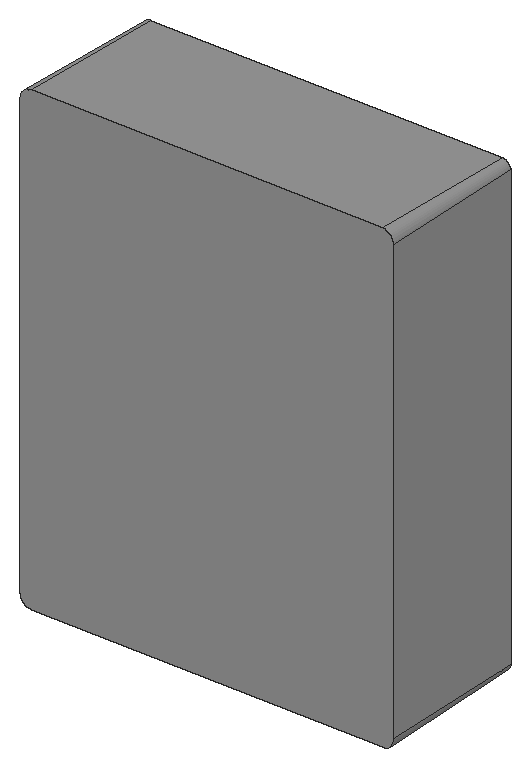
Revit family "L&L_LUCE&LIGHT_PASITO_MINI_1.2", category Lighting Fixtures, host Wall, Revit 2018 (continued)
Types (2, lengths in cm): name | Photometric Web File | built-in parameter 1150142
    00 0.00 0.00 0.00 0.00 0.00 0.00 \r\n0.00 0.00 0.00 0.00 0.00 0.00 0.00 0.00 0.00 0.00 0.00 \r\n0.00 0.00 0.00 0.00 0.00 0.00 0.00 0.00 0.00 0.00 0.00 \r\n0.00 0.00 0.00 0.00 0.00 0.00 0.00 0.00 0.00 0.00 0.00 \r\n0.00 0.00 0.00 0.00 0.00 0.00 0.00 0.00 0.00 0.00 0.00 \r\n0.00 0.00 0.00 0.01 0.02 \r\n0.01 0.01 0.01 0.00 0.00 0.00 0.00 0.00 0.00 0.00 0.00 \r\n0.00 0.00 0.00 0.00 0.00 0.00 0.00 0.00 0.00 0.00 0.00 \r\n0.00 0.00 0.00 0.00 0.00 0.00 0.00 0.00 0.00 0.00 0.00 \r\n0.00 0.00 0.00 0.00 0.00 0.00 0.00 0.00 0.00 0.00 0.00 \r\n0.00 0.00 0.00 0.00 0.00 0.00 0.00 0.00 0.00 0.00 0.00 \r\n0.00 0.00 0.00 0.00 0.00 0.00 0.00 0.00 0.00 0.00 0.00 \r\n0.00 0.00 0.00 0.00 0.00 0.00 0.00 0.00 0.00 0.00 0.00 \r\n0.00 0.00 0.00 0.00 0.00 0.00 0.00 0.00 0.00 0.00 0.00 \r\n0.00 0.00 0.00 0.00 0.00 0.00 0.00 0.00 0.00 0.00 0.00 \r\n0.00 0.00 0.00 0.00 0.00 0.00 0.00 0.00 0.00 0.00 0.00 \r\n0.00 0.00 0.00 0.00 0.00 0.00 0.00 0.00 0.00 0.00 0.00 \r\n0.00 0.00 0.00 0.00 0.00 0.00 0.00 0.00 0.00 0.00 0.00 \r\n0.00 0.00 0.00 0.00 0.00 0.00 0.00 0.00 0.00 0.00 0.00 \r\n0.00 0.00 0.00 0.00 0.00 0.00 0.00 0.00 0.00 0.00 0.00 \r\n0.00 0.00 0.00 0.00 0.00 0.00 0.00 0.00 0.00 0.00 0.00 \r\n0.00 0.00 0.00 0.00 0.00 0.00 0.00 0.00 0.00 0.00 0.00 \r\n0.00 0.00 0.00 0.01 0.02 \r\n0.01 0.01 0.01 0.01 0.00 0.00 0.00 0.00 0.00 0.00 0.00 \r\n0.00 0.00 0.00 0.00 0.00 0.00 0.00 0.00 0.00 0.00 0.00 \r\n0.00 0.00 0.00 0.00 0.00 0.00 0.00 0.00 0.00 0.00 0.00 \r\n0.00 0.00 0.00 0.00 0.00 0.00 0.00 0.00 0.00 0.00 0.00 \r\n0.00 0.00 0.00 0.00 0.00 0.00 0.00 0.00 0.00 0.00 0.00 \r\n0.00 0.00 0.00 0.00 0.00 0.00 0.00 0.00 0.00 0.00 0.00 \r\n0.00 0.00 0.00 0.00 0.00 0.00 0.00 0.00 0.00 0.00 0.00 \r\n0.00 0.00 0.00 0.00 0.00 0.00 0.00 0.00 0.00 0.00 0.00 \r\n0.00 0.00 0.00 0.00 0.00 0.00 0.00 0.00 0.00 0.00 0.00 \r\n0.00 0.00 0.00 0.00 0.00 0.00 0.00 0.00 0.00 0.00 0.00 \r\n0.00 0.00 0.00 0.00 0.00 0.00 0.00 0.00 0.00 0.00 0.00 \r\n0.00 0.00 0.00 0.00 0.00 0.00 0.00 0.00 0.00 0.00 0.00 \r\n0.00 0.00 0.00 0.00 0.00 0.00 0.00 0.00 0.00 0.00 0.00 \r\n0.00 0.00 0.00 0.00 0.00 0.00 0.00 0.00 0.00 0.00 0.00 \r\n0.00 0.00 0.00 0.00 0.00 0.00 0.00 0.00 0.00 0.00 0.00 \r\n0.00 0.00 0.00 0.00 0.00 0.00 0.00 0.00 0.00 0.00 0.00 \r\n0.00 0.00 0.01 0.01 0.02 \r\n0.01 0.01 0.02 0.01 0.01 0.00 0.00 0.00 0.00 0.00 0.00 \r\n0.00 0.00 0.00 0.00 0.00 0.00 0.00 0.00 0.00 0.00 0.00 \r\n0.00 0.00 0.00 0.00 0.00 0.00 0.00 0.00 0.00 0.00 0.00 \r\n0.00 0.00 0.00 0.00 0.00 0.00 0.00 0.00 0.00 0.00 0.00 \r\n0.00 0.00 0.00 0.00 0.00 0.00 0.00 0.00 0.00 0.00 0.00 \r\n0.00 0.00 0.00 0.00 0.00 0.00 0.00 0.00 0.00 0.00 0.00 \r\n0.00 0.00 0.00 0.00 0.00 0.00 0.00 0.00 0.00 0.00 0.00 \r\n0.00 0.00 0.00 0.00 0.00 0.00 0.00 0.00 0.00 0.00 0.00 \r\n0.00 0.00 0.00 0.00 0.00 0.00 0.00 0.00 0.00 0.00 0.00 \r\n0.00 0.00 0.00 0.00 0.00 0.00 0.00 0.00 0.00 0.00 0.00 \r\n0.00 0.00 0.00 0.00 0.00 0.00 0.00 0.00 0.00 0.00 0.00 \r\n0.00 0.00 0.00 0.00 0.00 0.00 0.00 0.00 0.00 0.00 0.00 \r\n0.00 0.00 0.00 0.00 0.00 0.00 0.00 0.00 0.00 0.00 0.00 \r\n0.00 0.00 0.00 0.00 0.00 0.00 0.00 0.00 0.00 0.00 0.00 \r\n0.00 0.00 0.00 0.00 0.00 0.00 0.00 0.00 0.00 0.00 0.00 \r\n0.00 0.00 0.00 0.00 0.00 0.00 0.00 0.00 0.00 0.00 0.00 \r\n0.00 0.01 0.01 0.01 0.02 \r\n0.01 0.02 0.02 0.02 0.02 0.02 0.02 0.01 0.01 0.01 0.00 \r\n0.00 0.00 0.00 0.00 0.00 0.00 0.00 0.00 0.00 0.00 0.00 \r\n0.00 0.00 0.00 0.00 0.00 0.00 0.00 0.00 0.00 0.00 0.00 \r\n0.00 0.00 0.00 0.00 0.00 0.00 0.00 0.00 0.00 0.00 0.00 \r\n0.00 0.00 0.00 0.00 0.00 0.00 0.00 0.00 0.00 0.00 0.00 \r\n0.00 0.00 0.00 0.00 0.00 0.00 0.00 0.00 0.00 0.00 0.00 \r\n0.00 0.00 0.00 0.00 0.00 0.00 0.00 0.00 0.00 0.00 0.00 \r\n0.00 0.00 0.00 0.00 0.00 0.00 0.00 0.00 0.00 0.00 0.00 \r\n0.00 0.00 0.00 0.00 0.00 0.00 0.00 0.00 0.00 0.00 0.00 \r\n0.00 0.00 0.00 0.00 0.00 0.00 0.00 0.00 0.00 0.00 0.00 \r\n0.00 0.00 0.00 0.00 0.00 0.00 0.00 0.00 0.00 0.00 0.00 \r\n0.00 0.00 0.00 0.00 0.00 0.00 0.00 0.00 0.00 0.00 0.00 \r\n0.00 0.00 0.00 0.00 0.00 0.00 0.00 0.00 0.00 0.00 0.00 \r\n0.00 0.00 0.00 0.00 0.00 0.00 0.00 0.00 0.00 0.00 0.00 \r\n0.00 0.00 0.00 0.00 0.00 0.00 0.00 0.00 0.00 0.00 0.00 \r\n0.00 0.00 0.00 0.00 0.00 0.00 0.00 0.01 0.01 0.01 0.01 \r\n0.01 0.01 0.01 0.01 0.02 \r\n0.01 0.02 0.02 0.02 0.03 0.03 0.03 0.04 0.04 0.04 0.05 \r\n0.05 0.05 0.06 0.06 0.07 0.07 0.07 0.08 0.08 0.09 0.09 \r\n0.10 0.10 0.10 0.11 0.11 0.12 0.12 0.13 0.13 0.14 0.14 \r\n0.15 0.15 0.16 0.16 0.16 0.17 0.17 0.18 0.18 0.19 0.19 \r\n0.19 0.20 0.20 0.21 0.21 0.21 0.22 0.22 0.23 0.23 0.23 \r\n0.24 0.24 0.25 0.25 0.25 0.26 0.26 0.26 0.27 0.27 0.27 \r\n0.28 0.28 0.28 0.29 0.29 0.29 0.30 0.30 0.30 0.31 0.31 \r\n0.31 0.31 0.31 0.32 0.32 0.32 0.32 0.32 0.32 0.33 0.33 \r\n0.33 0.33 0.33 0.33 0.33 0.33 0.33 0.33 0.33 0.33 0.33 \r\n0.33 0.33 0.33 0.32 0.32 0.32 0.32 0.32 0.31 0.31 0.31 \r\n0.31 0.30 0.30 0.30 0.29 0.29 0.29 0.28 0.28 0.28 0.27 \r\n0.27 0.26 0.26 0.25 0.25 0.24 0.24 0.23 0.23 0.23 0.22 \r\n0.22 0.21 0.21 0.20 0.20 0.19 0.19 0.18 0.18 0.17 0.17 \r\n0.16 0.16 0.15 0.15 0.14 0.14 0.13 0.13 0.12 0.12 0.11 \r\n0.11 0.10 0.10 0.09 0.09 0.08 0.08 0.07 0.07 0.06 0.06 \r\n0.05 0.05 0.04 0.04 0.03 0.03 0.03 0.02 0.02 0.02 0.02 \r\n0.02 0.02 0.02 0.02 0.02 \r\n0.01 0.02 0.04 0.06 0.08 0.10 0.12 0.15 0.18 0.21 0.24 \r\n0.26 0.30 0.36 0.41 0.46 0.51 0.56 0.60 0.65 0.71 0.77 \r\n0.83 0.88 0.94 0.98 1.01 1.04 1.08 1.11 1.15 1.18 1.21 \r\n1.23 1.26 1.28 1.31 1.35 1.38 1.42 1.45 1.49 1.51 1.53 \r\n1.55 1.57 1.59 1.61 1.63 1.65 1.66 1.68 1.69 1.70 1.71 \r\n1.72 1.73 1.75 1.76 1.77 1.78 1.78 1.78 1.77 1.77 1.76 \r\n1.75 1.75 1.75 1.75 1.75 1.74 1.73 1.72 1.71 1.70 1.69 \r\n1.67 1.66 1.65 1.64 1.62 1.61 1.60 1.58 1.57 1.55 1.53 \r\n1.51 1.50 1.48 1.47 1.46 1.45 1.43 1.42 1.40 1.38 1.36 \r\n1.34 1.33 1.31 1.29 1.28 1.26 1.25 1.23 1.20 1.18 1.16 \r\n1.13 1.11 1.09 1.07 1.05 1.03 1.01 0.98 0.96 0.94 0.92 \r\n0.89 0.87 0.85 0.83 0.81 0.79 0.77 0.75 0.73 0.71 0.69 \r\n0.67 0.64 0.62 0.60 0.58 0.56 0.54 0.53 0.51 0.49 0.47 \r\n0.46 0.44 0.42 0.41 0.39 0.37 0.35 0.33 0.32 0.30 0.28 \r\n0.27 0.25 0.24 0.22 0.21 0.20 0.18 0.17 0.15 0.14 0.13 \r\n0.11 0.10 0.09 0.08 0.07 0.06 0.06 0.05 0.04 0.04 0.03 \r\n0.03 0.02 0.02 0.02 0.02 \r\n0.01 0.03 0.06 0.09 0.15 0.22 0.28 0.39 0.50 0.62 0.74 \r\n0.86 0.97 1.08 1.18 1.28 1.37 1.46 1.55 1.64 1.74 1.84 \r\n1.96 2.09 2.24 2.39 2.50 2.57 2.63 2.67 2.68 2.74 2.80 \r\n2.85 2.90 2.95 2.99 3.03 3.09 3.14 3.19 3.25 3.31 3.37 \r\n3.44 3.50 3.56 3.61 3.64 3.67 3.70 3.73 3.76 3.79 3.81 \r\n3.83 3.84 3.85 3.85 3.86 3.87 3.87 3.87 3.87 3.86 3.85 \r\n3.84 3.83 3.81 3.79 3.77 3.74 3.71 3.68 3.64 3.61 3.57 \r\n3.54 3.50 3.46 3.42 3.37 3.33 3.29 3.24 3.19 3.14 3.09 \r\n3.04 2.98 2.93 2.87 2.82 2.77 2.72 2.68 2.63 2.59 2.55 \r\n2.51 2.47 2.43 2.39 2.35 2.31 2.26 2.22 2.18 2.14 2.09 \r\n2.05 2.01 1.97 1.93 1.89 1.85 1.80 1.76 1.72 1.68 1.64 \r\n1.60 1.56 1.52 1.49 1.45 1.41 1.38 1.34 1.31 1.27 1.24 \r\n1.20 1.16 1.13 1.09 1.06 1.03 0.99 0.96 0.93 0.90 0.86 \r\n0.83 0.80 0.77 0.74 0.71 0.67 0.64 0.61 0.59 0.56 0.53 \r\n0.51 0.48 0.45 0.42 0.40 0.37 0.35 0.32 0.30 0.28 0.25 \r\n0.23 0.21 0.19 0.17 0.15 0.13 0.11 0.10 0.08 0.06 0.05 \r\n0.04 0.03 0.02 0.02 0.02 \r\n0.01 0.04 0.08 0.15 0.25 0.43 0.60 0.79 0.97 1.13 1.28 \r\n1.40 1.52 1.62 1.74 1.90 2.09 2.33 2.59 2.90 3.23 3.61 \r\n4.00 4.42 4.80 5.20 5.53 5.84 6.07 6.25 6.37 6.47 6.55 \r\n6.63 6.69 6.72 6.75 6.79 6.87 6.96 7.04 7.12 7.17 7.22 \r\n7.27 7.32 7.39 7.44 7.49 7.51 7.53 7.54 7.56 7.58 7.62 \r\n7.64 7.64 7.63 7.62 7.61 7.60 7.58 7.55 7.50 7.44 7.37 \r\n7.29 7.22 7.14 7.07 6.99 6.91 6.82 6.73 6.64 6.55 6.45 \r\n6.35 6.26 6.16 6.07 5.97 5.88 5.78 5.68 5.57 5.47 5.37 \r\n5.27 5.16 5.05 4.93 4.81 4.68 4.54 4.39 4.23 4.07 3.90 \r\n3.75 3.62 3.50 3.41 3.33 3.27 3.21 3.15 3.09 3.03 2.97 \r\n2.91 2.85 2.80 2.74 2.69 2.63 2.58 2.52 2.47 2.41 2.36 \r\n2.31 2.26 2.21 2.16 2.10 2.05 2.00 1.95 1.90 1.85 1.80 \r\n1.74 1.69 1.64 1.59 1.55 1.51 1.46 1.41 1.36 1.32 1.27 \r\n1.23 1.18 1.14 1.09 1.05 1.00 0.96 0.92 0.88 0.84 0.80 \r\n0.75 0.71 0.67 0.63 0.59 0.56 0.52 0.48 0.45 0.42 0.39 \r\n0.35 0.32 0.29 0.26 0.23 0.20 0.18 0.15 0.13 0.10 0.08 \r\n0.05 0.03 0.02 0.02 0.02 \r\n0.01 0.04 0.10 0.21 0.43 0.70 0.95 1.16 1.34 1.49 1.61 \r\n1.77 1.97 2.27 2.66 3.11 3.61 4.17 4.79 5.50 6.22 6.95 \r\n7.68 8.42 9.12 10.00 10.78 11.44 12.00 12.38 12.61 12.73 \r\n12.80 12.91 12.97 12.99 12.95 12.92 12.96 13.05 13.14 \r\n13.19 13.19 13.17 13.18 13.18 13.20 13.18 13.15 13.11 \r\n13.07 13.02 12.96 12.89 12.80 12.74 12.66 12.60 12.52 \r\n12.43 12.33 12.21 12.08 11.94 11.79 11.63 11.47 11.29 \r\n11.11 10.94 10.76 10.58 10.39 10.21 10.03 9.84 9.66 9.48 \r\n9.31 9.13 8.95 8.78 8.60 8.43 8.25 8.08 7.91 7.74 7.57 \r\n7.40 7.23 7.07 6.90 6.73 6.54 6.34 6.13 5.90 5.66 5.41 \r\n5.14 4.88 4.63 4.41 4.23 4.10 4.01 3.95 3.90 3.86 3.80 \r\n3.74 3.67 3.60 3.53 3.46 3.39 3.33 3.26 3.20 3.13 3.06 \r\n2.99 2.92 2.85 2.79 2.73 2.67 2.60 2.53 2.46 2.40 2.34 \r\n2.27 2.20 2.14 2.07 2.01 1.95 1.89 1.82 1.76 1.69 1.63 \r\n1.57 1.51 1.45 1.39 1.34 1.28 1.23 1.17 1.11 1.06 1.00 \r\n0.95 0.90 0.84 0.79 0.74 0.69 0.65 0.60 0.56 0.51 0.47 \r\n0.43 0.39 0.35 0.31 0.27 0.24 0.21 0.18 0.14 0.11 0.07 \r\n0.04 0.02 0.02 0.02 \r\n0.01 0.05 0.13 0.33 0.64 0.97 1.24 1.43 1.59 1.77 2.04 \r\n2.42 2.91 3.49 4.18 4.99 5.91 6.89 7.86 8.92 10.16 11.55 \r\n13.02 14.51 16.14 17.80 19.37 20.81 22.16 23.21 23.76 \r\n23.83 23.65 23.53 23.52 23.54 23.56 23.50 23.42 23.41 \r\n23.36 23.25 23.12 23.04 22.94 22.83 22.72 22.62 22.50 \r\n22.33 22.12 21.94 21.76 21.61 21.45 21.28 21.07 20.84 \r\n20.58 20.33 20.09 19.88 19.65 19.41 19.14 18.85 18.53 \r\n18.19 17.83 17.47 17.11 16.76 16.42 16.07 15.71 15.32 \r\n14.93 14.53 14.12 13.72 13.31 12.92 12.53 12.15 11.77 \r\n11.40 11.05 10.70 10.36 10.04 9.73 9.43 9.15 8.87 8.60 \r\n8.32 8.04 7.76 7.47 7.17 6.87 6.58 6.29 6.01 5.74 5.49 \r\n5.27 5.08 4.93 4.82 4.73 4.66 4.59 4.53 4.46 4.38 4.30 \r\n4.22 4.13 4.04 3.96 3.87 3.79 3.71 3.62 3.54 3.45 3.37 \r\n3.29 3.21 3.12 3.03 2.95 2.86 2.77 2.69 2.61 2.53 2.45 \r\n2.37 2.29 2.21 2.13 2.06 1.98 1.90 1.83 1.75 1.68 1.61 \r\n1.54 1.47 1.40 1.33 1.26 1.19 1.13 1.06 1.00 0.94 0.88 \r\n0.82 0.76 0.70 0.65 0.59 0.54 0.49 0.44 0.39 0.35 0.31 \r\n0.27 0.22 0.18 0.14 0.09 0.05 0.03 0.02 0.02 \r\n0.01 0.06 0.15 0.44 0.85 1.20 1.44 1.61 1.86 2.27 2.80 \r\n3.43 4.18 5.08 6.18 7.42 8.72 10.16 11.87 13.81 15.91 \r\n18.28 20.95 23.75 26.69 29.87 33.01 35.68 37.75 39.22 \r\n40.09 40.49 40.46 40.22 40.17 40.33 40.40 40.26 40.04 \r\n39.89 39.84 39.75 39.57 39.35 39.09 38.76 38.43 38.19 \r\n38.01 37.78 37.44 37.07 36.70 36.30 35.89 35.47 35.01 \r\n34.48 33.93 33.45 32.99 32.52 31.98 31.42 30.86 30.30 \r\n29.69 29.05 28.38 27.71 27.04 26.37 25.67 24.95 24.23 \r\n23.49 22.75 21.98 21.19 20.38 19.56 18.74 17.93 17.15 \r\n16.40 15.68 15.00 14.35 13.73 13.16 12.62 12.13 11.67 \r\n11.23 10.82 10.41 10.02 9.63 9.25 8.88 8.53 8.18 7.86 \r\n7.54 7.24 6.95 6.67 6.42 6.19 6.00 5.85 5.72 5.62 5.52 \r\n5.43 5.34 5.24 5.13 5.03 4.92 4.82 4.71 4.61 4.51 4.41 \r\n4.31 4.20 4.10 4.00 3.89 3.79 3.68 3.58 3.48 3.37 3.27 \r\n3.17 3.07 2.98 2.88 2.77 2.68 2.58 2.49 2.39 2.30 2.21 \r\n2.13 2.04 1.96 1.87 1.78 1.69 1.60 1.52 1.44 1.36 1.28 \r\n1.21 1.13 1.05 0.98 0.91 0.84 0.78 0.72 0.65 0.59 0.53 \r\n0.48 0.42 0.37 0.32 0.27 0.22 0.17 0.12 0.07 0.03 0.02 \r\n0.02 \r\n0.01 0.06 0.21 0.59 1.03 1.37 1.58 1.85 2.36 3.01 3.75 \r\n4.66 5.77 7.15 8.67 10.26 12.20 14.54 17.09 19.96 23.38 \r\n27.18 31.34 35.82 40.02 43.76 47.10 49.82 51.81 52.93 \r\n53.29 53.70 54.47 55.21 55.70 56.06 56.38 56.65 56.97 \r\n57.33 57.61 57.64 57.47 57.33 57.25 57.13 56.94 56.63 \r\n56.21 55.76 55.32 54.85 54.31 53.68 53.00 52.27 51.49 \r\n50.72 49.95 49.14 48.27 47.35 46.37 45.36 44.35 43.37 \r\n42.37 41.32 40.20 39.05 37.92 36.79 35.65 34.45 33.22 \r\n31.93 30.63 29.34 28.03 26.72 25.42 24.15 22.90 21.70 \r\n20.57 19.50 18.51 17.60 16.76 15.98 15.27 14.61 14.00 \r\n13.42 12.87 12.33 11.81 11.32 10.84 10.40 9.98 9.59 9.23 \r\n8.90 8.60 8.31 8.04 7.78 7.53 7.28 7.06 6.85 6.67 6.52 \r\n6.40 6.29 6.18 6.06 5.93 5.82 5.69 5.56 5.43 5.31 5.19 \r\n5.06 4.94 4.82 4.70 4.58 4.45 4.33 4.22 4.10 3.98 3.86 \r\n3.74 3.62 3.50 3.38 3.26 3.14 3.03 2.92 2.81 2.69 2.59 \r\n2.49 2.39 2.28 2.18 2.07 1.98 1.88 1.78 1.67 1.58 1.50 \r\n1.40 1.32 1.23 1.15 1.07 0.99 0.91 0.83 0.76 0.69 0.62 \r\n0.55 0.49 0.43 0.37 0.32 0.26 0.20 0.14 0.08 0.04 0.02 \r\n0.02 \r\n0.01 0.07 0.27 0.73 1.20 1.50 1.76 2.25 2.98 3.80 4.83 \r\n6.14 7.76 9.45 11.30 13.74 16.57 19.71 23.54 27.96 32.63 \r\n37.73 42.90 47.67 51.58 54.44 56.50 57.94 59.13 60.32 \r\n61.44 62.46 63.53 64.62 65.53 66.24 66.88 67.61 68.34 \r\n68.91 69.26 69.49 69.70 69.89 70.06 70.14 70.07 69.88 \r\n69.64 69.36 68.99 68.47 67.83 67.15 66.46 65.72 64.89 \r\n63.96 62.95 61.87 60.72 59.53 58.31 57.04 55.69 54.34 \r\n52.96 51.47 49.94 48.40 46.82 45.18 43.49 41.77 40.01 \r\n38.20 36.34 34.46 32.60 30.77 29.01 27.33 25.75 24.28 \r\n22.94 21.71 20.58 19.55 18.61 17.75 16.96 16.24 15.57 \r\n14.93 14.32 13.73 13.16 12.62 12.11 11.64 11.20 10.79 \r\n10.41 10.06 9.74 9.45 9.18 8.95 8.73 8.52 8.30 8.06 7.82 \r\n7.57 7.35 7.17 7.04 6.93 6.80 6.65 6.50 6.36 6.24 6.10 \r\n5.94 5.80 5.67 5.54 5.38 5.23 5.10 4.98 4.83 4.69 4.55 \r\n4.42 4.28 4.15 4.02 3.88 3.74 3.61 3.48 3.35 3.21 3.09 \r\n2.97 2.84 2.72 2.59 2.48 2.37 2.25 2.13 2.03 1.92 1.81 \r\n1.70 1.60 1.50 1.40 1.30 1.21 1.12 1.03 0.95 0.86 0.78 \r\n0.71 0.63 0.56 0.49 0.42 0.36 0.29 0.23 0.16 0.10 0.04 \r\n0.02 0.02 \r\n0.01 0.07 0.33 0.85 1.33 1.59 2.00 2.72 3.61 4.70 6.13 \r\n7.90 9.72 11.86 14.65 17.90 21.69 26.22 31.29 36.88 42.92 \r\n48.75 53.54 56.97 59.28 61.23 63.09 64.94 66.56 68.08 \r\n69.76 71.37 72.83 74.07 75.32 76.66 77.80 78.78 79.76 \r\n80.67 81.43 82.06 82.64 83.10 83.46 83.74 83.80 83.77 \r\n83.78 83.74 83.50 83.00 82.36 81.66 80.90 80.08 79.20 \r\n78.23 77.16 76.00 74.73 73.30 71.76 70.19 68.58 66.88 \r\n65.09 63.23 61.27 59.21 57.03 54.72 52.31 49.82 47.23 \r\n44.57 41.89 39.25 36.68 34.24 31.96 29.88 27.98 26.27 \r\n24.72 23.34 22.09 20.97 19.96 19.04 18.21 17.45 16.74 \r\n16.08 15.44 14.82 14.23 13.67 13.15 12.67 12.22 11.81 \r\n11.42 11.06 10.73 10.42 10.15 9.90 9.68 9.48 9.29 9.10 \r\n8.89 8.65 8.38 8.12 7.89 7.71 7.57 7.43 7.27 7.10 6.94 \r\n6.80 6.66 6.51 6.34 6.18 6.04 5.89 5.73 5.55 5.40 5.27 \r\n5.11 4.94 4.80 4.65 4.49 4.35 4.20 4.05 3.90 3.76 3.61 \r\n3.47 3.34 3.19 3.05 2.92 2.78 2.65 2.53 2.40 2.27 2.15 \r\n2.03 1.91 1.80 1.68 1.58 1.46 1.35 1.25 1.15 1.06 0.96 \r\n0.87 0.79 0.70 0.62 0.55 0.47 0.39 0.32 0.25 0.18 0.11 \r\n0.05 0.02 0.02 \r\n0.01 0.08 0.38 0.97 1.43 1.70 2.29 3.18 4.29 5.73 7.55 \r\n9.52 11.82 14.84 18.45 22.56 27.60 33.40 39.87 46.73 \r\n52.80 57.39 60.47 62.96 65.37 67.74 69.93 72.13 74.37 \r\n76.40 78.50 80.51 82.32 84.08 85.82 87.46 88.92 90.35 \r\n91.74 93.06 94.25 95.21 96.05 96.90 97.57 98.06 98.46 \r\n98.68 98.77 98.76 98.60 98.25 97.82 97.30 96.60 95.78 \r\n94.79 93.65 92.50 91.24 89.82 88.26 86.51 84.67 82.73 \r\n80.64 78.45 76.16 73.69 71.00 68.10 65.00 61.70 58.22 \r\n54.61 50.94 47.31 43.80 40.49 37.44 34.67 32.19 30.00 \r\n28.06 26.33 24.81 23.45 22.25 21.17 20.19 19.30 18.50 \r\n17.75 17.05 16.38 15.73 15.12 14.55 14.02 13.53 13.08 \r\n12.65 12.26 11.91 11.57 11.26 10.97 10.71 10.47 10.26 \r\n10.07 9.89 9.72 9.52 9.29 9.02 8.75 8.50 8.29 8.13 7.98 \r\n7.83 7.65 7.45 7.28 7.12 6.98 6.81 6.62 6.45 6.28 6.12 \r\n5.95 5.77 5.61 5.45 5.28 5.11 4.94 4.79 4.62 4.46 4.31 \r\n4.15 3.98 3.83 3.66 3.51 3.36 3.21 3.06 2.92 2.78 2.64 \r\n2.49 2.36 2.24 2.11 1.98 1.85 1.73 1.61 1.49 1.37 1.26 \r\n1.16 1.06 0.96 0.86 0.77 0.68 0.60 0.51 0.43 0.35 0.27 \r\n0.20 0.13 0.06 0.02 0.02 \r\n0.01 0.08 0.44 1.08 1.49 1.82 2.59 3.64 5.00 6.78 8.83 \r\n11.15 14.24 18.03 22.33 27.65 34.06 41.17 48.59 55.00 \r\n59.49 62.83 65.79 68.61 71.33 74.09 76.91 79.51 82.09 \r\n84.72 87.14 89.45 91.83 94.16 96.20 98.14 100.17 102.06 \r\n103.86 105.52 107.04 108.36 109.48 110.62 111.60 112.30 \r\n112.89 113.43 113.72 113.83 113.72 113.49 113.23 112.79 \r\n112.15 111.32 110.35 109.23 107.95 106.52 104.96 103.25 \r\n101.39 99.35 97.10 94.65 91.98 89.07 85.89 82.42 78.66 \r\n74.62 70.30 65.79 61.18 56.55 52.04 47.77 43.82 40.27 \r\n37.11 34.32 31.86 29.70 27.81 26.16 24.69 23.39 22.23 \r\n21.18 20.24 19.40 18.62 17.89 17.18 16.51 15.88 15.29 \r\n14.75 14.24 13.79 13.36 12.96 12.59 12.25 11.94 11.66 \r\n11.40 11.16 10.94 10.74 10.55 10.37 10.21 10.04 9.81 9.55 \r\n9.26 9.00 8.76 8.57 8.41 8.26 8.07 7.87 7.67 7.49 7.33 \r\n7.18 6.99 6.78 6.60 6.43 6.26 6.07 5.89 5.71 5.54 5.36 \r\n5.18 5.01 4.84 4.66 4.48 4.31 4.14 3.98 3.81 3.63 3.48 \r\n3.32 3.17 3.01 2.85 2.71 2.56 2.41 2.27 2.14 2.00 1.88 \r\n1.74 1.61 1.48 1.36 1.25 1.15 1.04 0.93 0.83 0.73 0.64 \r\n0.55 0
